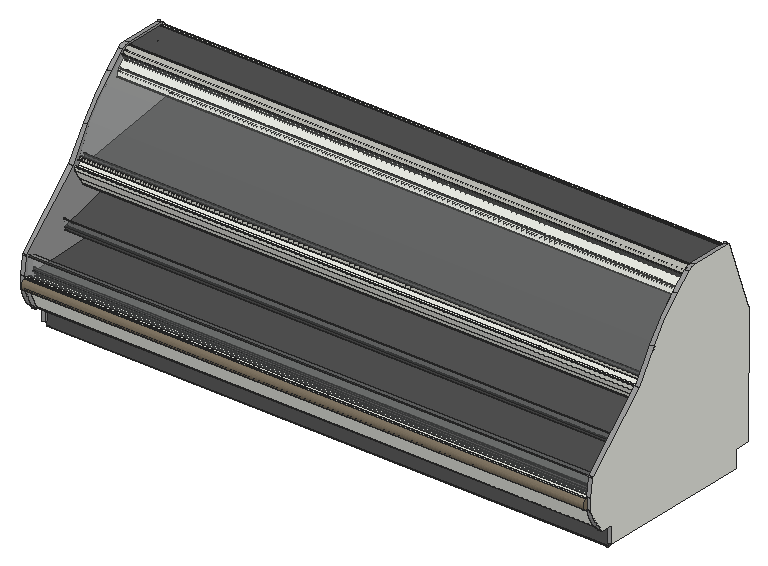
Revit family "CR3-F_2014", category Specialty Equipment, Revit 2014 (continued)
Automatic sketch dimensions
  Extrusion 4 sketch curve to Extrusion 4 sketch curve = 1.59722"
  Extrusion 4 sketch curve to Extrusion 4 sketch curve = 0.87601"
  Extrusion 4 sketch curve to Extrusion 4 sketch curve = 0.08357"
  Extrusion 4 sketch curve to Extrusion 4 sketch curve = 0.02379"  (x2)
  Extrusion 4 sketch curve to Extrusion 4 sketch curve = 0.17499"
  Extrusion 4 sketch curve to Extrusion 4 sketch curve = 0.015"  (x4)
  Extrusion 4 sketch curve to Extrusion 4 sketch curve = 0.02598"
  Extrusion 4 sketch curve to Extrusion 4 sketch curve = 2.12313"
  Extrusion 4 sketch curve to Extrusion 4 sketch curve = 0.01904"
  Extrusion 4 sketch curve to Extrusion 4 sketch curve = 0.83568"
  Extrusion 4 sketch curve to Extrusion 4 sketch curve = 0.05629"  (x2)
  Extrusion 4 sketch curve to Extrusion 4 sketch curve = 0.15029"
  Extrusion 4 sketch curve to Extrusion 4 sketch curve = 0.03754"
  Extrusion 4 sketch curve to Extrusion 4 sketch curve = 0.49339"  (x2)
  Extrusion 4 sketch curve to Extrusion 4 sketch curve = 0.04596"
  Extrusion 4 sketch curve to Extrusion 4 sketch curve = 0.05157"
  Extrusion 4 sketch curve to Extrusion 4 sketch curve = 0.87159"
  Extrusion 4 sketch curve to Extrusion 4 sketch curve = 0.06189"
  Extrusion 4 sketch curve to Extrusion 4 sketch curve = 1.66598"
  Extrusion 4 sketch curve to Extrusion 4 sketch curve = 0.75885"
  Extrusion 4 sketch curve to Extrusion 4 sketch curve = 0.01798"
  Extrusion 4 sketch curve to Extrusion 4 sketch curve = 0.7957"
  Extrusion 4 sketch curve to Extrusion 4 sketch curve = 0.21178"
  Extrusion 4 sketch curve to Extrusion 4 sketch curve = 0.02642"
  Extrusion 4 sketch curve to Extrusion 4 sketch curve = 0.06333"
  plane 5 "Front" to Extrusion 4 sketch curve = 6.06739"
  Extrusion 4 sketch curve to Extrusion 4 sketch curve = 0.05811"
  Extrusion 4 sketch curve to Extrusion 4 sketch curve = 0.092"  (x3)
  Extrusion 4 sketch curve to Extrusion 4 sketch curve = 1/16"
  Extrusion 4 sketch curve to Extrusion 4 sketch curve = 0.00996"
  Extrusion 4 sketch curve to Extrusion 4 sketch curve = 0.06037"
  Extrusion 4 sketch curve to Extrusion 4 sketch curve = 0.345"  (x2)
  Extrusion 4 sketch curve to Extrusion 4 sketch curve = 0.72585"
  Extrusion 4 sketch curve to Extrusion 4 sketch curve = 0.002"
  Extrusion 4 sketch curve to Extrusion 4 sketch curve = 0.07433"
  Extrusion 4 sketch curve to Extrusion 4 sketch curve = 0.05894"
  Extrusion 4 sketch curve to Extrusion 4 sketch curve = 0.942"
  Extrusion 4 sketch curve to Extrusion 4 sketch curve = 0.437"
  Extrusion 4 sketch curve to Extrusion 4 sketch curve = 1.30099"
  Extrusion 4 sketch curve to Extrusion 4 sketch curve = 0.321"  (x2)
  Extrusion 4 sketch curve to Extrusion 4 sketch curve = 0.3835"
  Extrusion 4 sketch curve to Extrusion 4 sketch curve = 0.33171"
  Extrusion 4 sketch curve to Extrusion 4 sketch curve = 0.48743"
  Extrusion 4 sketch curve to Extrusion 4 sketch curve = 0.0925"  (x2)
  Extrusion 4 sketch curve to Extrusion 4 sketch curve = 0.71176"
  Extrusion 4 sketch curve to Extrusion 4 sketch curve = 0.95999"
  Extrusion 4 sketch curve to Extrusion 4 sketch curve = 0.0605"
  Extrusion 4 sketch curve to Extrusion 4 sketch curve = 0.136"
  Extrusion 4 sketch curve to Extrusion 4 sketch curve = 0.70692"
  Extrusion 4 sketch curve to Extrusion 4 sketch curve = 0.92046"
  Extrusion 4 sketch curve to Extrusion 4 sketch curve = 1.6225"
  Extrusion 4 sketch curve to Extrusion 4 sketch curve = 0.57125"
  Extrusion 4 sketch curve to Extrusion 4 sketch curve = 0.18131"
  Extrusion 4 sketch curve to Extrusion 4 sketch curve = 0.02229"
  Extrusion 4 sketch curve to Extrusion 4 sketch curve = 0.92417"
  Extrusion 4 sketch curve to Extrusion 4 sketch curve = 2.51608"
  Extrusion 4 sketch curve to Extrusion 4 sketch curve = 0.234"
  Extrusion 4 sketch curve to Extrusion 4 sketch curve = 3.88125"
  Extrusion 4 sketch curve to Extrusion 4 sketch curve = 0.91209"
  Extrusion 4 sketch curve to Extrusion 4 sketch curve = 0.01618"
  Extrusion 4 sketch curve to Extrusion 4 sketch curve = 0.11688"
  Extrusion 4 sketch curve to Extrusion 4 sketch curve = 1.62375"
  Extrusion 4 sketch curve to Extrusion 4 sketch curve = 0.49188"
  Extrusion 4 sketch curve to Extrusion 4 sketch curve = 0.062"
  Extrusion 4 sketch curve to Extrusion 4 sketch curve = 0.59641"
  Extrusion 4 sketch curve to Extrusion 4 sketch curve = 0.371"
  Extrusion 4 sketch curve to Extrusion 4 sketch curve = 0.24458"
  Extrusion 4 sketch curve to Extrusion 4 sketch curve = 12.25814"
  Extrusion 4 sketch curve to Extrusion 4 sketch curve = 0.00656"
  Extrusion 4 sketch curve to Extrusion 4 sketch curve = 0.39739"
  Extrusion 4 sketch curve to Extrusion 4 sketch curve = 0.32348"
  Extrusion 4 sketch curve to Extrusion 4 sketch curve = 0.40266"
  Extrusion 4 sketch curve to Extrusion 4 sketch curve = 2.20453"
  Extrusion 4 sketch curve to Extrusion 4 sketch curve = 0.96558"
  Extrusion 4 sketch curve to Extrusion 4 sketch curve = 0.00552"
  Extrusion 4 sketch curve to Extrusion 4 sketch curve = 0.00871"
  Extrusion 4 sketch curve to Extrusion 4 sketch curve = 0.2278"
  Extrusion 4 sketch curve to Extrusion 4 sketch curve = 0.43171"
  Extrusion 4 sketch curve to Extrusion 4 sketch curve = 0.48256"
  Extrusion 4 sketch curve to Extrusion 4 sketch curve = 0.21425"
  Extrusion 4 sketch curve to Extrusion 4 sketch curve = 0.2033"
  Extrusion 4 sketch curve to Extrusion 4 sketch curve = 0.10971"
  Extrusion 4 sketch curve to Extrusion 4 sketch curve = 1.49484"
  Extrusion 4 sketch curve to Extrusion 4 sketch curve = 0.03573"
  Extrusion 4 sketch curve to Extrusion 4 sketch curve = 1.57639"
  Extrusion 4 sketch curve to Extrusion 4 sketch curve = 2.55901"
  Extrusion 4 sketch curve to Extrusion 4 sketch curve = 2.10033"
  Extrusion 4 sketch curve to Extrusion 4 sketch curve = 0.18997"
  Extrusion 4 sketch curve to Extrusion 4 sketch curve = 0.02468"
  Extrusion 4 sketch curve to Extrusion 4 sketch curve = 0.1215"
  Extrusion 4 sketch curve to Extrusion 4 sketch curve = 0.02433"
  Extrusion 4 sketch curve to Extrusion 4 sketch curve = 0.27401"
  Extrusion 4 sketch curve to Extrusion 4 sketch curve = 0.45308"
  Extrusion 4 sketch curve to Extrusion 4 sketch curve = 0.53668"
  Extrusion 4 sketch curve to Extrusion 4 sketch curve = 2.0894"
  Extrusion 4 sketch curve to Extrusion 4 sketch curve = 0.71345"
  Extrusion 4 sketch curve to Extrusion 4 sketch curve = 0.15642"
  Extrusion 4 sketch curve to Extrusion 4 sketch curve = 0.37047"
  Extrusion 4 sketch curve to Extrusion 4 sketch curve = 0.04042"
  Extrusion 4 sketch curve to Extrusion 4 sketch curve = 0.07403"
  Extrusion 4 sketch curve to Extrusion 4 sketch curve = 0.70129"
  Extrusion 4 sketch curve to Extrusion 4 sketch curve = 0.03957"
  Extrusion 4 sketch curve to Extrusion 4 sketch curve = 4.44465"
  Extrusion 4 sketch curve to Extrusion 4 sketch curve = 0.01077"
  Extrusion 4 sketch curve to Extrusion 4 sketch curve = 119/256"
  Extrusion 4 sketch curve to Extrusion 4 sketch curve = 0.0054"
  Extrusion 4 sketch curve to Extrusion 4 sketch curve = 0.11679"
  Extrusion 4 sketch curve to Extrusion 4 sketch curve = 0.00402"
  Extrusion 4 sketch curve to Extrusion 4 sketch curve = 0.12516"
  Extrusion 4 sketch curve to Extrusion 4 sketch curve = 0.07006"
  Extrusion 4 sketch curve to Extrusion 4 sketch curve = 0.5022"
  Extrusion 4 sketch curve to Extrusion 4 sketch curve = 0.30902"
  Extrusion 4 sketch curve to Extrusion 4 sketch curve = 1.29255"
  Extrusion 4 sketch curve to Extrusion 4 sketch curve = 0.05975"
  Extrusion 4 sketch curve to Extrusion 4 sketch curve = 0.38356"
  Extrusion 4 sketch curve to Extrusion 4 sketch curve = 0.12226"
  Extrusion 4 sketch curve to Extrusion 4 sketch curve = 0.58074"
  Extrusion 4 sketch curve to Extrusion 4 sketch curve = 0.1275"
  Extrusion 4 sketch curve to Extrusion 4 sketch curve = 0.01682"
  Extrusion 4 sketch curve to Extrusion 4 sketch curve = 0.00295"
  Extrusion 4 sketch curve to Extrusion 4 sketch curve = 0.00176"
  Extrusion 4 sketch curve to Extrusion 4 sketch curve = 0.06381"
  Extrusion 4 sketch curve to Extrusion 4 sketch curve = 0.15477"
  Extrusion 4 sketch curve to Extrusion 4 sketch curve = 0.00759"
  Extrusion 4 sketch curve to Extrusion 4 sketch curve = 0.04499"
  plane 3 "Top" to Extrusion 4 sketch curve = 0.34572"
  Extrusion 4 sketch curve to Extrusion 4 sketch curve = 0.00074"
  Extrusion 4 sketch curve to Extrusion 4 sketch curve = 0.03597"
  Extrusion 4 sketch curve to Extrusion 4 sketch curve = 0.0059"
  Extrusion 4 sketch curve to Extrusion 4 sketch curve = 0.01002"
  Extrusion 4 sketch curve to Extrusion 4 sketch curve = 0.19181"
  Extrusion 4 sketch curve to Extrusion 4 sketch curve = 0.00194"
  plane 3 "Top" to Extrusion 4 sketch curve = 6.83318"
  Extrusion 4 sketch curve to Extrusion 4 sketch curve = 0.00138"
  Extrusion 4 sketch curve to Extrusion 4 sketch curve = 0.11157"
  Extrusion 4 sketch curve to Extrusion 4 sketch curve = 0.00861"
  Extrusion 4 sketch curve to Extrusion 4 sketch curve = 0.00489"
  Extrusion 4 sketch curve to Extrusion 4 sketch curve = 0.31751"
  Extrusion 4 sketch curve to Extrusion 4 sketch curve = 0.00042"
  Extrusion 4 sketch curve to Extrusion 4 sketch curve = 0.15347"
  Extrusion 4 sketch curve to Extrusion 4 sketch curve = 0.00325"
  Extrusion 4 sketch curve to Extrusion 4 sketch curve = 0.23579"
  Extrusion 4 sketch curve to Extrusion 4 sketch curve = 0.00465"
  Extrusion 4 sketch curve to Extrusion 4 sketch curve = 0.00004"
  Extrusion 5 sketch curve to Extrusion 5 sketch curve = 0"  (x2)
  plane 5 "Front" to Extrusion 5 sketch curve = 3.56606"
  Extrusion 5 sketch curve to Extrusion 5 sketch curve = 0.06362"
  Extrusion 5 sketch curve to Extrusion 5 sketch curve = 0.07036"
  Extrusion 5 sketch curve to Extrusion 5 sketch curve = 0.03426"
  Extrusion 5 sketch curve to Extrusion 5 sketch curve = 0.0544"
  Extrusion 5 sketch curve to Extrusion 5 sketch curve = 0.06497"
  Extrusion 5 sketch curve to Extrusion 5 sketch curve = 0.03498"  (x2)
  Extrusion 5 sketch curve to Extrusion 5 sketch curve = 0.02998"
  Extrusion 5 sketch curve to Extrusion 5 sketch curve = 0.00096"
  Extrusion 5 sketch curve to Extrusion 5 sketch curve = 0.00112"
  Extrusion 5 sketch curve to Extrusion 5 sketch curve = 0.01494"
  plane 1 "Back" to Extrusion 5 sketch curve = 21.46057"
  Extrusion 5 sketch curve to Extrusion 5 sketch curve = 0.688"
  level to Extrusion 5 sketch curve = 13.99202"
  Extrusion 5 sketch curve to Extrusion 5 sketch curve = 0.46476"
  Extrusion 5 sketch curve to Extrusion 5 sketch curve = 0.0279"
  Extrusion 5 sketch curve to Extrusion 5 sketch curve = 0.6195"
  Extrusion 5 sketch curve to Extrusion 5 sketch curve = 0.00718"
  Extrusion 5 sketch curve to Extrusion 5 sketch curve = 0.47815"
  Extrusion 5 sketch curve to Extrusion 5 sketch curve = 0.01333"
  Extrusion 5 sketch curve to Extrusion 5 sketch curve = 9.25567"
  plane 5 "Front" to Extrusion 6 sketch curve = 13.69225"
  Extrusion 6 sketch curve to Extrusion 6 sketch curve = 0.06041"
  Extrusion 6 sketch curve to Extrusion 6 sketch curve = 0.16871"
  Extrusion 6 sketch curve to Extrusion 6 sketch curve = 0.06028"
  Extrusion 6 sketch curve to Extrusion 6 sketch curve = 0.00013"
  Extrusion 6 sketch curve to Extrusion 6 sketch curve = 0.01605"
  Extrusion 6 sketch curve to Extrusion 6 sketch curve = 0.20224"
  Extrusion 6 sketch curve to Extrusion 6 sketch curve = 0.04419"
  Extrusion 6 sketch curve to Extrusion 6 sketch curve = 0.06037"  (x4)
  Extrusion 6 sketch curve to Extrusion 6 sketch curve = 0.25343"
  Extrusion 6 sketch curve to Extrusion 6 sketch curve = 0.58875"
  Extrusion 6 sketch curve to Extrusion 6 sketch curve = 0.56443"
  Extrusion 6 sketch curve to Extrusion 6 sketch curve = 0.02594"
  Extrusion 6 sketch curve to Extrusion 6 sketch curve = 0.03864"
  Extrusion 6 sketch curve to Extrusion 6 sketch curve = 0.01757"
  Extrusion 6 sketch curve to Extrusion 6 sketch curve = 0.8447"
  Extrusion 6 sketch curve to Extrusion 6 sketch curve = 0.03897"
  Extrusion 6 sketch curve to Extrusion 6 sketch curve = 0.08331"
  Extrusion 6 sketch curve to Extrusion 6 sketch curve = 0.00906"  (x2)
  Extrusion 6 sketch curve to Extrusion 6 sketch curve = 0.03381"
  Extrusion 6 sketch curve to Extrusion 6 sketch curve = 0.08021"
  Extrusion 6 sketch curve to Extrusion 6 sketch curve = 0.03427"
  Extrusion 6 sketch curve to Extrusion 6 sketch curve = 0.03335"  (x2)
  Extrusion 6 sketch curve to Extrusion 6 sketch curve = 0.52078"
  Extrusion 6 sketch curve to Extrusion 6 sketch curve = 0.01551"
  Extrusion 6 sketch curve to Extrusion 6 sketch curve = 0.06761"
  Extrusion 6 sketch curve to Extrusion 6 sketch curve = 13.05208"
  Extrusion 6 sketch curve to Extrusion 6 sketch curve = 0.01618"  (x4)
  Extrusion 6 sketch curve to Extrusion 6 sketch curve = 0.19411"
  level to Extrusion 6 sketch curve = 19.52816"
  Extrusion 6 sketch curve to Extrusion 6 sketch curve = 0.04594"
  Extrusion 6 sketch curve to Extrusion 6 sketch curve = 0.00048"
  Extrusion 6 sketch curve to Extrusion 6 sketch curve = 0.06775"
  Extrusion 6 sketch curve to Extrusion 6 sketch curve = 0.09835"
  Extrusion 6 sketch curve to Extrusion 6 sketch curve = 0.03045"
  Extrusion 6 sketch curve to Extrusion 6 sketch curve = 0.11828"
  Extrusion 6 sketch curve to Extrusion 6 sketch curve = 0.06155"
  Extrusion 6 sketch curve to Extrusion 6 sketch curve = 0.19448"
  Extrusion 6 sketch curve to Extrusion 6 sketch curve = 0.00806"
  Extrusion 6 sketch curve to Extrusion 6 sketch curve = 0.73078"
  Extrusion 6 sketch curve to Extrusion 6 sketch curve = 0.04343"
  Extrusion 6 sketch curve to Extrusion 6 sketch curve = 0.15767"
  Extrusion 6 sketch curve to Extrusion 6 sketch curve = 0.03611"
  Extrusion 6 sketch curve to Extrusion 6 sketch curve = 0.29027"
  Extrusion 6 sketch curve to Extrusion 6 sketch curve = 0.02232"
  Extrusion 6 sketch curve to Extrusion 6 sketch curve = 3.49547"
  Extrusion 6 sketch curve to Extrusion 6 sketch curve = 0.72444"
  plane 5 "Front" to Extrusion 7 sketch curve = 13.22178"
  Extrusion 7 sketch curve to Extrusion 7 sketch curve = 0.12074"  (x2)
  Extrusion 7 sketch curve to Extrusion 7 sketch curve = 0.71175"
  Extrusion 7 sketch curve to Extrusion 7 sketch curve = 0.24152"
  level to Extrusion 7 sketch curve = 19.59182"
  Extrusion 7 sketch curve to Extrusion 7 sketch curve = 0.06457"
  Extrusion 7 sketch curve to Extrusion 7 sketch curve = 2.6563"
  Extrusion 7 sketch curve to Extrusion 7 sketch curve = 0.03235"
  plane 5 "Front" to Extrusion 8 sketch curve = 1.89546"
  Extrusion 8 sketch curve to Extrusion 8 sketch curve = 0.23743"
  Extrusion 8 sketch curve to Extrusion 8 sketch curve = 1/4"
  level to Extrusion 8 sketch curve = 13.11258"
  Extrusion 8 sketch curve to Extrusion 8 sketch curve = 5.49984"
  plane 5 "Front" to Extrusion 9 sketch curve = 0.9987"
  plane 5 "Front" to Extrusion 9 sketch curve = 1.27995"
  level to Extrusion 9 sketch curve = 11.47878"
  Extrusion 9 sketch curve to Extrusion 9 sketch curve = 1 1/4"
  plane 3 "Top" to Extrusion 10 sketch curve = 0.22169"
  plane 1 "Back" to Extrusion 10 sketch curve = 17.09366"
  Extrusion 10 sketch curve to Extrusion 10 sketch curve = 0.03937"  (x3)
  plane 3 "Top" to Extrusion 10 sketch curve = 0.34233"
  Extrusion 10 sketch curve to Extrusion 10 sketch curve = 0.10487"
  Extrusion 10 sketch curve to Extrusion 10 sketch curve = 0.19096"
  plane 3 "Top" to Extrusion 10 sketch curve = 0.26698"
  Extrusion 10 sketch curve to Extrusion 10 sketch curve = 0.06454"
  Extrusion 10 sketch curve to plane 3 "Top" = 0.04798"
  plane 1 "Back" to Extrusion 10 sketch curve = 7.38303"
  Extrusion 10 sketch curve to Extrusion 10 sketch curve = 0"
  Extrusion 10 sketch curve to plane 3 "Top" = 0.00861"  (x2)
  Extrusion 11 sketch curve to Extrusion 11 sketch curve = 0"  (x3)
  plane 5 "Front" to Extrusion 11 sketch curve = 18.14405"
  Extrusion 11 sketch curve to Extrusion 11 sketch curve = 0.03497"
  Extrusion 11 sketch curve to Extrusion 11 sketch curve = 0.05701"
  Extrusion 11 sketch curve to Extrusion 11 sketch curve = 0.00068"
  Extrusion 11 sketch curve to Extrusion 11 sketch curve = 0.26341"
  Extrusion 11 sketch curve to Extrusion 11 sketch curve = 0.23131"
  Extrusion 11 sketch curve to Extrusion 11 sketch curve = 0.02234"
  Extrusion 11 sketch curve to Extrusion 11 sketch curve = 0.001"
  Extrusion 11 sketch curve to Extrusion 11 sketch curve = 0.05816"
  Extrusion 11 sketch curve to Extrusion 11 sketch curve = 0.05649"
  Extrusion 11 sketch curve to Extrusion 11 sketch curve = 0.01279"
  Extrusion 11 sketch curve to Extrusion 11 sketch curve = 0.05749"
  Extrusion 11 sketch curve to Extrusion 11 sketch curve = 0.02271"
  Extrusion 11 sketch curve to Extrusion 11 sketch curve = 0.05103"
  Extrusion 11 sketch curve to Extrusion 11 sketch curve = 0.06982"
  Extrusion 11 sketch curve to Extrusion 11 sketch curve = 0.05319"
  Extrusion 11 sketch curve to Extrusion 11 sketch curve = 0.02085"
  Extrusion 11 sketch curve to Extrusion 11 sketch curve = 0.24863"
  Extrusion 11 sketch curve to Extrusion 11 sketch curve = 0.01136"
  Extrusion 11 sketch curve to Extrusion 11 sketch curve = 0.10181"
  Extrusion 11 sketch curve to Extrusion 11 sketch curve = 0.01343"
  Extrusion 11 sketch curve to Extrusion 11 sketch curve = 0.17617"
  Extrusion 11 sketch curve to Extrusion 11 sketch curve = 0.0652"
  Extrusion 11 sketch curve to Extrusion 11 sketch curve = 0.13275"
  plane 3 "Top" to Extrusion 11 sketch curve = 1.39988"
  plane 1 "Back" to Extrusion 11 sketch curve = 19.25227"
  Extrusion 11 sketch curve to Extrusion 11 sketch curve = 0.00868"
  plane 3 "Top" to Extrusion 11 sketch curve = 1.7342"
  Extrusion 11 sketch curve to Extrusion 11 sketch curve = 0.16803"
  plane 3 "Top" to Extrusion 11 sketch curve = 1.65126"
  Extrusion 11 sketch curve to Extrusion 11 sketch curve = 0.01477"
  Extrusion 11 sketch curve to Extrusion 11 sketch curve = 0.04814"
  plane 3 "Top" to Extrusion 11 sketch curve = 1.82963"
  Extrusion 11 sketch curve to Extrusion 11 sketch curve = 0.06782"
  Extrusion 11 sketch curve to Extrusion 11 sketch curve = 0.01605"
  plane 3 "Top" to Extrusion 11 sketch curve = 1.83427"
  Extrusion 11 sketch curve to Extrusion 11 sketch curve = 0.0114"
  plane 3 "Top" to Extrusion 11 sketch curve = 1.72551"
  Extrusion 11 sketch curve to Extrusion 11 sketch curve = 0.15304"
  plane 3 "Top" to Extrusion 11 sketch curve = 2.07085"
  Extrusion 11 sketch curve to Extrusion 11 sketch curve = 0.19743"
  plane 3 "Top" to Extrusion 11 sketch curve = 0.95506"
  Extrusion 11 sketch curve to Extrusion 11 sketch curve = 0.63056"
  plane 3 "Top" to Extrusion 11 sketch curve = 1.31666"
  Extrusion 11 sketch curve to Extrusion 11 sketch curve = 0.03225"
  plane 3 "Top" to Extrusion 11 sketch curve = 1.09622"
  Extrusion 11 sketch curve to Extrusion 11 sketch curve = 0.11384"
  plane 3 "Top" to Extrusion 11 sketch curve = 0.86558"
  Extrusion 11 sketch curve to Extrusion 11 sketch curve = 0.12568"
  Extrusion 11 sketch curve to Extrusion 11 sketch curve = 0.02337"
  plane 3 "Top" to Extrusion 11 sketch curve = 1.22956"
  Extrusion 11 sketch curve to Extrusion 11 sketch curve = 0.02224"
  plane 3 "Top" to Extrusion 11 sketch curve = 2.21881"
  Extrusion 11 sketch curve to Extrusion 11 sketch curve = 0.19211"
  plane 3 "Top" to Extrusion 11 sketch curve = 0.97768"
  Extrusion 11 sketch curve to Extrusion 11 sketch curve = 0.04242"
  plane 3 "Top" to Extrusion 11 sketch curve = 1.17426"
  Extrusion 11 sketch curve to Extrusion 11 sketch curve = 0.03209"
  Extrusion 11 sketch curve to Extrusion 11 sketch curve = 0.00324"
  plane 3 "Top" to Extrusion 11 sketch curve = 0.88519"
  Extrusion 11 sketch curve to Extrusion 11 sketch curve = 0.06493"
  Extrusion 11 sketch curve to Extrusion 11 sketch curve = 35/128"
  plane 3 "Top" to Extrusion 11 sketch curve = 0.97232"
  Extrusion 11 sketch curve to Extrusion 11 sketch curve = 0.05977"
  Extrusion 11 sketch curve to Extrusion 11 sketch curve = 0.74659"
  plane 3 "Top" to Extrusion 11 sketch curve = 0.46482"
  Extrusion 11 sketch curve to Extrusion 11 sketch curve = 0.75509"
  plane 3 "Top" to Extrusion 11 sketch curve = 0.46196"
  Extrusion 11 sketch curve to Extrusion 11 sketch curve = 0.06815"
  plane 3 "Top" to Extrusion 11 sketch curve = 0.07037"
  Extrusion 11 sketch curve to Extrusion 11 sketch curve = 0.04661"
  Extrusion 11 sketch curve to plane 3 "Top" = 0.04115"
  Extrusion 11 sketch curve to Extrusion 11 sketch curve = 0.21146"
  Extrusion 11 sketch curve to Extrusion 11 sketch curve = 0.54222"
  Extrusion 11 sketch curve to Extrusion 11 sketch curve = 0.08006"
  Extrusion 11 sketch curve to Extrusion 11 sketch curve = 0.02165"
  Extrusion 11 sketch curve to Extrusion 11 sketch curve = 0.06791"
  Extrusion 11 sketch curve to Extrusion 11 sketch curve = 0.15832"
  plane 3 "Top" to Extrusion 11 sketch curve = 0.34572"
  Extrusion 11 sketch curve to Extrusion 11 sketch curve = 0.08217"
  Extrusion 11 sketch curve to Extrusion 11 sketch curve = 0.32732"
  Extrusion 11 sketch curve to Extrusion 11 sketch curve = 0.01637"
  Extrusion 11 sketch curve to plane 1 "Back" = 4.38285"
  Extrusion 11 sketch curve to Extrusion 11 sketch curve = 0.19952"
  Extrusion 11 sketch curve to Extrusion 11 sketch curve = 0.20997"
  plane 3 "Top" to Extrusion 11 sketch curve = 18.80828"
  Extrusion 11 sketch curve to Extrusion 11 sketch curve = 0.0229"
  Extrusion 11 sketch curve to Extrusion 11 sketch curve = 0.10169"
  Extrusion 11 sketch curve to Extrusion 11 sketch curve = 0.02884"
  Extrusion 11 sketch curve to Extrusion 11 sketch curve = 0.06024"
  Extrusion 11 sketch curve to Extrusion 11 sketch curve = 0.04023"
  Extrusion 11 sketch curve to Extrusion 11 sketch curve = 0.25707"
  Extrusion 11 sketch curve to Extrusion 11 sketch curve = 0.02688"
  Extrusion 11 sketch curve to Extrusion 11 sketch curve = 0.05327"
  Extrusion 11 sketch curve to Extrusion 11 sketch curve = 0.02245"
  Extrusion 11 sketch curve to Extrusion 11 sketch curve = 0.00027"
  Extrusion 11 sketch curve to Extrusion 11 sketch curve = 0.05422"
  Extrusion 11 sketch curve to Extrusion 11 sketch curve = 0.09285"
  Extrusion 11 sketch curve to Extrusion 11 sketch curve = 0.04609"
  Extrusion 11 sketch curve to Extrusion 11 sketch curve = 0.03447"
  Extrusion 11 sketch curve to Extrusion 11 sketch curve = 0.00846"
  Extrusion 11 sketch curve to Extrusion 11 sketch curve = 0.0021"
  Extrusion 11 sketch curve to Extrusion 11 sketch curve = 0.03168"
  Extrusion 11 sketch curve to Extrusion 11 sketch curve = 0.0384"
  Extrusion 11 sketch curve to Extrusion 11 sketch curve = 0.00749"
  Extrusion 11 sketch curve to Extrusion 11 sketch curve = 0.09452"
  Extrusion 11 sketch curve to Extrusion 11 sketch curve = 0.03351"
  level to Extrusion 12 sketch curve = 0.02008"
  plane 5 "Front" to Extrusion 12 sketch curve = 8.00175"
  Extrusion 12 sketch curve to Extrusion 12 sketch curve = 0.035"  (x3)
  Extrusion 12 sketch curve to level = 0.01492"  (x2)
  Extrusion 12 sketch curve to Extrusion 12 sketch curve = 29/64"
  Extrusion 12 sketch curve to Extrusion 12 sketch curve = 3/64"  (x2)
  Extrusion 12 sketch curve to Extrusion 12 sketch curve = 0.08188"
  plane 1 "Back" to Extrusion 12 sketch curve = 4.19387"
  level to Extrusion 12 sketch curve = 0.05241"
  Extrusion 12 sketch curve to Extrusion 12 sketch curve = 0.30277"
  level to Extrusion 12 sketch curve = 0.08467"
  Extrusion 12 sketch curve to Extrusion 12 sketch curve = 0.01862"
  Extrusion 12 sketch curve to Extrusion 12 sketch curve = 0.36323"
  level to Extrusion 12 sketch curve = 5/256"
  Extrusion 12 sketch curve to Extrusion 12 sketch curve = 0.00608"
  Extrusion 12 sketch curve to Extrusion 12 sketch curve = 3/8"  (x2)
  level to Extrusion 12 sketch curve = 0.45495"
  Extrusion 12 sketch curve to Extrusion 12 sketch curve = 0.01274"
  Extrusion 12 sketch curve to Extrusion 12 sketch curve = 4.68"
  Extrusion 12 sketch curve to Extrusion 12 sketch curve = 5.01739"
  Extrusion 14 sketch curve to Extrusion 14 sketch curve = 0"  (x2)
  plane 5 "Front" to Extrusion 14 sketch curve = 18.20106"
  Extrusion 14 sketch curve to Extrusion 14 sketch curve = 0.23262"
  plane 3 "Top" to Extrusion 14 sketch curve = 0.9955"
  plane 1 "Back" to Extrusion 14 sketch curve = 18.63016"
  plane 3 "Top" to Extrusion 14 sketch curve = 1.2007"
  Extrusion 14 sketch curve to Extrusion 14 sketch curve = 0.1428"
  Extrusion 14 sketch curve to plane 1 "Back" = 4.36059"
  Extrusion 14 sketch curve to Extrusion 14 sketch curve = 18.29903"
  plane 5 "Front" to Extrusion 16 sketch curve = 3.59732"
  plane 5 "Front" to Extrusion 16 sketch curve = 3.7258"
  Extrusion 16 sketch curve to Extrusion 16 sketch curve = 0.24987"
  level to Extrusion 16 sketch curve = 14.52078"
  Extrusion 16 sketch curve to Extrusion 16 sketch curve = 0.00803"
  Extrusion 13 sketch curve to Extrusion 13 sketch curve = 0.0525"
  Extrusion 13 sketch curve to Extrusion 13 sketch curve = 1.98268"
  Extrusion 13 sketch curve to Extrusion 13 sketch curve = 0.34751"
  Extrusion 13 sketch curve to Extrusion 13 sketch curve = 0.035"  (x2)
  Extrusion 13 sketch curve to Extrusion 13 sketch curve = 0"  (x5)
  Extrusion 13 sketch curve to Extrusion 13 sketch curve = 0.0025"
  Extrusion 13 sketch curve to Extrusion 13 sketch curve = 0.03"
  Extrusion 13 sketch curve to Extrusion 13 sketch curve = 0.015"
  Extrusion 13 sketch curve to Extrusion 13 sketch curve = 0.94301"
  Extrusion 13 sketch curve to Extrusion 13 sketch curve = 0.58486"
  Extrusion 13 sketch curve to Extrusion 13 sketch curve = 0.02598"
  Extrusion 13 sketch curve to Extrusion 13 sketch curve = 0.97551"
  Extrusion 13 sketch curve to Extrusion 13 sketch curve = 5/128"
  Extrusion 13 sketch curve to Extrusion 13 sketch curve = 0.00838"
  Extrusion 13 sketch curve to Extrusion 13 sketch curve = 0.56533"
  plane 1 "Back" to Extrusion 13 sketch curve = 4.08506"
  Extrusion 13 sketch curve to Extrusion 13 sketch curve = 2.51228"
  Extrusion 13 sketch curve to Extrusion 13 sketch curve = 0.36103"
  plane 3 "Top" to Extrusion 13 sketch curve = 16.9478"
  Extrusion 13 sketch curve to Extrusion 13 sketch curve = 0.49911"
  Extrusion 13 sketch curve to Extrusion 13 sketch curve = 0.02819"
  Extrusion 13 sketch curve to Extrusion 13 sketch curve = 0.74172"
  Extrusion 13 sketch curve to Extrusion 13 sketch curve = 0.01026"
  Extrusion 13 sketch curve to Extrusion 13 sketch curve = 0.53983"
  Extrusion 13 sketch curve to Extrusion 13 sketch curve = 1.48317"
  Extrusion 13 sketch curve to Extrusion 13 sketch curve = 0.44899"
  Extrusion 13 sketch curve to Extrusion 13 sketch curve = 0.065"
  Extrusion 13 sketch curve to Extrusion 13 sketch curve = 0.05188"
  Extrusion 13 sketch curve to Extrusion 13 sketch curve = 0.0175"
  Extrusion 13 sketch curve to Extrusion 13 sketch curve = 0.24733"
  Extrusion 13 sketch curve to Extrusion 13 sketch curve = 0.06108"
  Extrusion 13 sketch curve to Extrusion 13 sketch curve = 0.02223"
  Extrusion 13 sketch curve to Extrusion 13 sketch curve = 0.00656"
  level to Extrusion 39 sketch curve = 1"
  Extrusion 39 sketch curve to Extrusion 39 sketch curve = 3.99034"  (x2)
  Extrusion 39 sketch curve to Extrusion 39 sketch curve = 3/8"  (x2)
  plane 1 "Back" to Extrusion 39 sketch curve = 0.20665"  (x2)
  Extrusion 39 sketch curve to Extrusion 39 sketch curve = 1/4"  (x3)
  Extrusion 39 sketch curve to Extrusion 39 sketch curve = 0.31471"
  plane 5 "Front" to Extrusion 39 sketch curve = 1.24182"
  Extrusion 39 sketch curve to Extrusion 39 sketch curve = 5.78758"
  level to Extrusion 39 sketch curve = 13.13097"
  Extrusion 39 sketch curve to Extrusion 39 sketch curve = 2.51899"
  plane 5 "Front" to Extrusion 39 sketch curve = 2.13222"
  Extrusion 39 sketch curve to Extrusion 39 sketch curve = 7.15987"
  plane 5 "Front" to Extrusion 39 sketch curve = 1.7889"
  Extrusion 39 sketch curve to Extrusion 39 sketch curve = 0.3635"
  Extrusion 39 sketch curve to plane 1 "Back" = 4.36235"
  Extrusion 39 sketch curve to Extrusion 39 sketch curve = 13.60149"
  Extrusion 39 sketch curve to Extrusion 39 sketch curve = 17.3473"
  Extrusion 39 sketch curve to Extrusion 39 sketch curve = 0.07517"
  Extrusion 39 sketch curve to Extrusion 39 sketch curve = 0.27263"
  plane 3 "Top" to Extrusion 39 sketch curve = 16.82791"
  Extrusion 39 sketch curve to plane 1 "Back" = 0.02827"
  Extrusion 39 sketch curve to Extrusion 39 sketch curve = 7.46966"
  plane 3 "Top" to Extrusion 39 sketch curve = 3.82264"
  plane 3 "Top" to Extrusion 39 sketch curve = 2.68623"
  plane 3 "Top" to Extrusion 39 sketch curve = 0.44842"
  Extrusion 39 sketch curve to plane 3 "Top" = 0.06377"
  Extrusion 39 sketch curve to plane 3 "Top" = 0.14927"
  Extrusion 39 sketch curve to Extrusion 39 sketch curve = 3.40395"
  plane 1 "Back" to Extrusion 39 sketch curve = 6.1198"
  Extrusion 39 sketch curve to Extrusion 39 sketch curve = 10.47932"
  Extrusion 39 sketch curve to Extrusion 39 sketch curve = 3.77915"
  Extrusion 39 sketch curve to Extrusion 39 sketch curve = 4.62645"
  Extrusion 39 sketch curve to Extrusion 39 sketch curve = 0.06132"
  Extrusion 39 sketch curve to Extrusion 39 sketch curve = 9.2809"
  plane 5 "Front" to Extrusion 39 sketch curve = 7.75543"
  Extrusion 39 sketch curve to Extrusion 39 sketch curve = 2.60672"
  Extrusion 39 sketch curve to Extrusion 39 sketch curve = 0.01343"
  Extrusion 39 sketch curve to Extrusion 39 sketch curve = 0.0802"
  Extrusion 39 sketch curve to Extrusion 39 sketch curve = 2 29/32"
  Extrusion 39 sketch curve to Extrusion 39 sketch curve = 0.21081"
  plane 5 "Front" to Extrusion 40 sketch curve = 0.99182"
  Extrusion 40 sketch curve to Extrusion 40 sketch curve = 1/4"
  plane 5 "Front" to Extrusion 40 sketch curve = 1.7889"
  Extrusion 40 sketch curve to Extrusion 40 sketch curve = 0.34332"
  plane 5 "Front" to Extrusion 40 sketch curve = 4.76027"
  Extrusion 40 sketch curve to Extrusion 40 sketch curve = 0.01343"
  Extrusion 40 sketch curve to Extrusion 40 sketch curve = 2.60672"
  level to Extrusion 40 sketch curve = 1"
  Extrusion 40 sketch curve to Extrusion 40 sketch curve = 3/8"  (x2)
  Extrusion 40 sketch curve to Extrusion 40 sketch curve = 7.52115"
  plane 5 "Front" to Extrusion 40 sketch curve = 16.36125"
  Extrusion 40 sketch curve to Extrusion 40 sketch curve = 0.25749"
  Extrusion 40 sketch curve to Extrusion 40 sketch curve = 0.06132"
  Extrusion 40 sketch curve to Extrusion 40 sketch curve = 4.62645"
  Extrusion 40 sketch curve to Extrusion 40 sketch curve = 9.2809"
  plane 3 "Top" to Extrusion 40 sketch curve = 3.82264"
  Extrusion 40 sketch curve to Extrusion 40 sketch curve = 7.45727"
  plane 3 "Top" to Extrusion 40 sketch curve = 0.44842"
  Extrusion 40 sketch curve to Extrusion 40 sketch curve = 3.77915"
  Extrusion 40 sketch curve to Extrusion 40 sketch curve = 1.99804"
  Extrusion 40 sketch curve to plane 3 "Top" = 0.31377"
  plane 1 "Back" to Extrusion 40 sketch curve = 6.35472"
  Extrusion 40 sketch curve to plane 3 "Top" = 0.14927"
  Extrusion 40 sketch curve to Extrusion 40 sketch curve = 0.23492"
  plane 1 "Back" to Extrusion 40 sketch curve = 3.98561"
  plane 1 "Back" to Extrusion 40 sketch curve = 0.20665"  (x2)
  Extrusion 40 sketch curve to plane 1 "Back" = 0.02827"
  Extrusion 40 sketch curve to plane 1 "Back" = 0.04335"
  Extrusion 40 sketch curve to plane 1 "Back" = 4.36235"
  Extrusion 40 sketch curve to Extrusion 40 sketch curve = 3.99034"  (x2)
  Extrusion 40 sketch curve to Extrusion 40 sketch curve = 0.31471"
  Extrusion 40 sketch curve to Extrusion 40 sketch curve = 5.78758"
  level to Extrusion 40 sketch curve = 13.13097"
  Extrusion 40 sketch curve to Extrusion 40 sketch curve = 2 29/32"
  Extrusion 40 sketch curve to Extrusion 40 sketch curve = 2.51899"
  Extrusion 40 sketch curve to Extrusion 40 sketch curve = 4.25364"
  Extrusion 40 sketch curve to Extrusion 40 sketch curve = 0.3635"
  Extrusion 40 sketch curve to Extrusion 40 sketch curve = 13.60149"
  Extrusion 40 sketch curve to Extrusion 40 sketch curve = 7.54483"
  Extrusion 40 sketch curve to Extrusion 40 sketch curve = 0.07517"
  plane 3 "Top" to Extrusion 40 sketch curve = 16.82791"
  Extrusion 40 sketch curve to Extrusion 40 sketch curve = 0"
  Extrusion 1 sketch curve to Extrusion 1 sketch curve = 0"  (x2)
  Extrusion 2 sketch curve to Extrusion 2 sketch curve = 0"
  Extrusion 3 sketch curve to Extrusion 3 sketch curve = 0"
  curve 8 to plane 4 "Left" = 0"
  curve 8 to plane 8 "Right" = 0"
  curve 5 to plane 5 "Front" = 0"
  plane 1 "Back" to curve 1 = 0"
  plane 1 "Back" to curve 4 = 0"
  plane 1 "Back" to curve 2 = 0"
  plane 1 "Back" to curve 3 = 0"
  plane 1 "Back" to curve 5 = 0"
  Extrusion 15 sketch curve to Extrusion 15 sketch curve = 0"  (x3)
  plane 6 "Center (Left/Right)" to Extrusion 15 sketch curve = 5"
Nested families (in)
  nested 1: "Floor Support - Pegs" at (-75.99499, -30.6875, 0), type "Floor Support - Pegs"
  nested 2: "Floor Support - Pegs" at (65.38051, -30.6875, 0), type "Floor Support - Pegs"
  nested 3: "Service Doors - 110deg - 48" at (18.69301, -25.0591, 11.25191), visible <- "12 Case", type "Service Doors - 110deg - 48"
  nested 4: "Light" at (-5.30699, -11.1887, -4.00524), type "Light"
  nested 5: "Light" at (-5.30699, -21.97556, -23.79603), type "Light"
  nested 6: "Light" at (-5.30699, -27.6863, -31.8452), type "Light"
  nested 7: "Service Doors - 110deg - 48" at (-29.30699, -25.0591, 11.25191), visible <- "12 Case", type "Service Doors - 110deg - 48"
  nested 8: "Service Doors - 110deg - 48" at (-77.30699, -25.0591, 11.25191), visible <- "12 Case", type "Service Doors - 110deg - 48"
  nested 9: "Service Doors - 110deg - 48" at (18.69301, -25.0591, 11.25191), visible <- "12 Case", type "Service Doors - 110deg - 48", not visible
  nested 10: "Service Doors - 110deg - 48" at (-29.30699, -25.0591, 11.25191), visible <- "12 Case", type "Service Doors - 110deg - 48", not visible
  nested 11: "Service Doors - 110deg - 48" at (-77.30699, -25.0591, 11.25191), visible <- "12 Case", type "Service Doors - 110deg - 48", not visible
  nested 12: "Service Doors - 110deg - 48" at (-29.30699, -25.0591, 11.25191), visible <- "8 Case", type "Service Doors - 110deg - 48"
  nested 13: "Service Doors - 110deg - 48" at (-77.30699, -25.0591, 11.25191), visible <- "8 Case", type "Service Doors - 110deg - 48"
  nested 14: "Service Doors - 110deg - 48" at (-29.30699, -25.0591, 11.25191), visible <- "8 Case", type "Service Doors - 110deg - 48", not visible
  nested 15: "Service Doors - 110deg - 48" at (-77.30699, -25.0591, 11.25191), visible <- "8 Case", type "Service Doors - 110deg - 48", not visible
  nested 16: "Service Doors - 110deg - 48" at (-77.30699, -25.0591, 11.25191), visible <- "4 Case", type "Service Doors - 110deg - 48"
  nested 17: "Service Doors - 110deg - 48" at (-77.30699, -25.0591, 11.25191), visible <- "4 Case", type "Service Doors - 110deg - 48", not visible
  nested 18: "Service Doors - 110deg - 72" at (-77.30699, -25.0591, 11.25191), visible <- "6 Case", type "Service Doors - 110deg - 72"
  nested 19: "Service Doors - 110deg - 72" at (-72.99499, -14.67418, 0), visible <- "6 Case", type "Service Doors - 110deg - 72", not visible
  nested 20: "Sliding Doors" at (-77.30699, -0.27157, 7.54708), type "Sliding Doors"
  nested 21: "Shelf Braket - 02" at (-75.99499, -21.46057, 19.51458), type "Shelf Braket - 02"
  nested 22: "Shelf Braket - 02" at (65.38051, -21.46057, 19.51458), type "Shelf Braket - 02"
  nested 23: "Light" at (-5.30699, 0.84005, -2.48334), type "Light"
  nested 24: "Floor Support - Pegs" at (-28.86982, -30.6875, 0), type "Floor Support - Pegs"
  nested 25: "Shelf Braket - 02" at (-28.86982, -21.46057, 19.51458), type "Shelf Braket - 02"
  nested 26: "Floor Support - Pegs" at (18.25535, -30.6875, 0), type "Floor Support - Pegs"
  nested 27: "Shelf Braket - 02" at (18.25535, -21.46057, 19.51458), type "Shelf Braket - 02"
Connectors (in)
  piping at (-13.43199, -38.875, 0), diameter 1.5, driven by "Waste Drain"
    settings: on Extrusion 1, index 8, connector inside diameter 1 1/4", connector length 0", flow factor 0, pipe flow 0 GPM, pressure drop 0.00 psi, fitting loss kfactor 0, connector angle 0.00°, fixture units 0, engagement length 0", angle of deflection 0.00°, flow configuration 0, flow direction 0, fitting loss method 0, system type 16, joint type 0, gender type 0, connector reference index -1, connector utility 0, adjustable connector no, is connector primary yes, connector description "1 1/4\""
  piping at (60.38051, -37.125, 0), diameter 0.625, driven by "Refrig. Suction", driven by "Refrigeration Lines Suction"
    settings: on Extrusion 2, index 9, connector inside diameter 7/8", connector length 0", flow factor 0, pipe flow 0 GPM, pressure drop 0.00 psi, fitting loss kfactor 0, connector angle 0.00°, fixture units 0, engagement length 0", angle of deflection 0.00°, flow configuration 0, flow direction 2, fitting loss method 0, system type 22, joint type 0, gender type 0, connector reference index -1, connector utility 0, adjustable connector no, is connector primary no, connector description "Suction"
  piping at (60.88051, -37.125, 0), diameter 0.375, driven by "Refrig. Liquid", driven by "Refrigeration Lines Liquid"
    settings: on Extrusion 3, index 10, connector inside diameter 3/8", connector length 0", flow factor 0, pipe flow 0 GPM, pressure drop 0.00 psi, fitting loss kfactor 0, connector angle 0.00°, fixture units 0, engagement length 0", angle of deflection 0.00°, flow configuration 0, flow direction 1, fitting loss method 0, system type 22, joint type 0, gender type 0, connector reference index -1, connector utility 0, adjustable connector no, is connector primary no, connector description "Liquid"
  piping at (-0.30699, -17.375, 0), diameter 1.5, driven by "Waste Drain"
    settings: on Extrusion 15, index 13, connector inside diameter 1 1/4", connector length 0", flow factor 0, pipe flow 0 GPM, pressure drop 0.00 psi, fitting loss kfactor 0, connector angle 0.00°, fixture units 0, engagement length 0", angle of deflection 0.00°, flow configuration 0, flow direction 0, fitting loss method 0, system type 16, joint type 0, gender type 0, connector reference index -1, connector utility 0, adjustable connector no, is connector primary no, connector description ""
Definition of nested family "Floor Support - Pegs"
  Parameters (values of type "Floor Support - Pegs")
    Leg = Stainless Steel
    Height = 6"
    Depth = 35 3/4"
  Reference planes (in)
    plane 1 "Center (Front/Back)": y = 6.9375
    plane 2: z = 0
    plane 3 "Center (Left/Right)": x = 0
    plane 4: z = 6
    plane 5: y = 24.8125
    plane 6: y = -10.9375
  Forms (in)
    Revolve 1, solid, material "Stainless Steel" <- "Leg"
      sketch origin (0, 0, 0) x (0, 1, 0) y (0, 0, 1)
        loop
          line (-10.9375, 0) -> (-10.4375, 0) -> (-10.4375, 1.00794)
          arc (-10.4375, 1.00794) -> (-10.21653, 1.09947) -> (-10.125, 1.32044) r 0.3125
          line (-10.125, 1.32044) -> (-10.125, 3.375) -> (-10, 3.375) -> (-10, 6) -> (-10.9375, 6) -> (-10.9375, 0)
        axis (-10.9375, 0) -> (-10.9375, 6)
      angle from 0 to 360
    Revolve 2, solid, material "Stainless Steel" <- "Leg"
      sketch origin (0, 35.75, 0) x (0, 1, 0) y (0, 0, 1)
        loop
          line (-10.9375, 0) -> (-10.4375, 0) -> (-10.4375, 1.00794)
          arc (-10.4375, 1.00794) -> (-10.21653, 1.09947) -> (-10.125, 1.32044) r 0.3125
          line (-10.125, 1.32044) -> (-10.125, 3.375) -> (-10, 3.375) -> (-10, 6) -> (-10.9375, 6) -> (-10.9375, 0)
        axis (-10.9375, 0) -> (-10.9375, 6)
      angle from 0 to 360
  Dimensions and locks (in)
    "Height": plane 4 to level
    Revolve 1 sketch curve to Revolve 1 sketch curve = 5/16"
    locked: Revolve 1 sketch curve to Revolve 1 sketch curve at 0.5
    "Depth": plane 6 to plane 5
    equal spacing: plane 6, plane 1 "Center (Front/Back)", plane 5
    plane 4 to Revolve 1 sketch curve = 2 5/8"
    locked: Revolve 1 sketch curve to Revolve 1 sketch curve at 0.125
    Revolve 2 sketch curve to Revolve 2 sketch curve = 5/16"
    locked: Revolve 2 sketch curve to Revolve 2 sketch curve at 0.5
    locked: Revolve 2 sketch curve to Revolve 2 sketch curve at 0.125
    aligned and locked: plane 2 to level
    aligned and locked: Revolve 1 sketch curve to Revolve 1 sketch curve
    aligned and locked: plane 6 to Revolve 1 sketch curve
    aligned and locked: Revolve 2 sketch curve to Revolve 2 sketch curve
    aligned and locked: plane 5 to Revolve 2 sketch curve
  Automatic sketch dimensions
    Revolve 1 sketch curve to level = 0"  (x2)
    Revolve 1 sketch curve to plane 4 = 0"  (x2)
    Revolve 1 sketch curve to Revolve 1 sketch curve = 1.00794"
    Revolve 2 sketch curve to level = 0"  (x2)
    Revolve 2 sketch curve to plane 4 = 0"  (x2)
    level to Revolve 2 sketch curve = 1.00794"
    Revolve 2 sketch curve to Revolve 2 sketch curve = 2.05456"
Definition of nested family "Service Doors - 110deg - 48"
  Parameters (values of type "Service Doors - 110deg - 48")
    Glazing = Glass
    Door Frame = Plastic - 144 Mist Gray
  Reference planes (in)
    plane 1 "Center (Front/Back)": y = 25.29918
    plane 2: z = 0
    plane 3 "Center (Left/Right)": x = 0
  Forms (in)
    Sweep 1, solid, material "Plastic - 144 Mist Gray" <- "Door Frame"
      path in 3D
        loop
          line (48, 19.82686, 39.76221) -> (0, 19.82686, 39.76221) -> (0, 25.29918, 24.72713) -> (48, 25.29918, 24.72713) -> (48, 19.82686, 39.76221)
      profile origin (24, 19.82686, 39.76221) x (0, -0.999433, -0.03367) y (0, -0.03367, 0.999433)
        loop
          line (0.22211, -0.07247) -> (0, 0) -> (-0.46528, -1.42601) -> (1.67266, -2.12358) -> (1.98285, -1.17291) -> (0.08303, -0.55303) -> (0.22211, -0.07247)
    Extrusion 2, solid, material "Plastic - 144 Mist Gray" <- "Door Frame"
      sketch origin (1.5, 18.22664, 37.58351) x (0, 0.34202, -0.939693) y (0, 0.939693, 0.34202)
        loop
          line (0, 0.25) -> (13, 0.25) -> (13, 1.0625) -> (0, 1.0625) -> (0, 0.25)
      from 0 to 23
    Extrusion 3, solid, material "Plastic - 144 Mist Gray" <- "Door Frame"
      sketch origin (46.5, 22.67291, 25.36751) x (0, -0.34202, 0.939693) y (0, 0.939693, 0.34202)
        loop
          line (13, 1.875) -> (0, 1.875) -> (0, 1.0625) -> (13, 1.0625) -> (13, 1.875)
      from 0 to 23
    Extrusion 4, void
      sketch origin (46.5, 16.02328, 49.11934) x (0, -0.34202, 0.939693) y (-1, 0, 0)
        loop
          line (-23.09373, 21.5) -> (-23.09373, 1.5) -> (-13.09373, 1.5) -> (-13.09373, 21.5) -> (-23.09373, 21.5)
      from 0 to 0.8125
    Extrusion 5, void
      sketch origin (1.5, 18.28571, 38.15219) x (0, -0.34202, 0.939693) y (1, 0, 0)
        loop
          line (-2.01418, 21.5) -> (-12.01418, 21.5) -> (-12.01418, 1.5) -> (-2.01418, 1.5) -> (-2.01418, 21.5)
      from 0 to 0.8125
    Extrusion 6, solid, material "Glass" <- "Glazing"
      sketch origin (25, 24.43483, 26.0088) x (0, -0.34202, 0.939693) y (0, -0.939693, -0.34202)
        loop
          line (1.5, 0.1875) -> (13, 0.1875) -> (13, 0.625) -> (1.5, 0.625) -> (1.5, 0.1875)
      from 0 to 20
    Extrusion 7, solid, material "Glass" <- "Glazing"
      sketch origin (23, 18.46157, 37.66902) x (0, 0.34202, -0.939693) y (0, -0.939693, -0.34202)
        loop
          line (1.5, -0.625) -> (13, -0.625) -> (13, -0.1875) -> (1.5, -0.1875) -> (1.5, -0.625)
      from 0 to 20
  Cuts and joins
    Extrusion 4 cuts Extrusion 3
    Extrusion 5 cuts Extrusion 2
  Lines and regions (in)
    sketch lines
      curve 1: line (48, 25.29918, 24.72713) -> (48, 19.82686, 39.76221)
      curve 2: line (0, 19.82686, 39.76221) -> (0, 25.29918, 24.72713)
      curve 3: line (48, 19.82686, 39.76221) -> (0, 19.82686, 39.76221)
      curve 4: line (48, 25.29918, 24.72713) -> (0, 25.29918, 24.72713)
  Dimensions and locks (in)
    Extrusion 2 to Extrusion 3 = 45"
    plane 3 "Center (Left/Right)" to Sweep 1 = 48"
    Sweep 1 to Sweep 1 = 1 1/2"
    locked: cut or joined group of Extrusion 3, Extrusion 4 to Extrusion 4 sketch curve at 1.5
    locked: Extrusion 5 sketch curve to cut or joined group of Extrusion 2, Extrusion 5 at 1.5
    Sweep 1 to Sweep 1 = 16"
    locked: cut or joined group of Extrusion 2, Extrusion 5 to Extrusion 5 sketch curve at 1.5  (x2)
    locked: Sweep 1 to Extrusion 5 sketch curve at 1.5
    locked: Extrusion 4 sketch curve to Sweep 1 at 1.5  (x3)
    Sweep 1 to Sweep 1 = 45"
    angle level to Sweep 1 = 110.00°
    aligned and locked: plane 2 to level
    aligned and locked: Extrusion 3 to Sweep 1  (x3)
    aligned and locked: Extrusion 2 to Sweep 1
    aligned and locked: Extrusion 6 to cut or joined group of Extrusion 3, Extrusion 4
    aligned and locked: cut or joined group of Extrusion 3, Extrusion 4 to Extrusion 6
    aligned and locked: cut or joined group of Extrusion 2, Extrusion 5 to Extrusion 7
    aligned and locked: plane 1 "Center (Front/Back)" to Sweep 1
    aligned and locked: Sweep 1 to Extrusion 2 sketch curve  (x2)
    aligned and locked: cut or joined group of Extrusion 2, Extrusion 5 to Extrusion 7 sketch curve
    aligned and locked: Extrusion 7 sketch curve to Sweep 1
    aligned and locked: Sweep 1 to Extrusion 3 sketch curve  (x2)
    aligned and locked: Extrusion 6 sketch curve to Sweep 1
    aligned and locked: Extrusion 6 sketch curve to cut or joined group of Extrusion 3, Extrusion 4
Definition of nested family "Service Doors - 110deg - 72"
  Parameters (values of type "Service Doors - 110deg - 72")
    Glazing = none
    Door Frame = none
  Reference planes (in)
    plane 1 "Center (Front/Back)": y = 25.29918
    plane 2: z = 0
    plane 3 "Center (Left/Right)": x = 0
  Forms (in)
    Sweep 1, solid, material <- "Door Frame"
      path in 3D
        loop
          line (72, 19.82686, 39.76221) -> (0, 19.82686, 39.76221) -> (0, 25.29918, 24.72713) -> (72, 25.29918, 24.72713) -> (72, 19.82686, 39.76221)
      profile origin (36, 19.82686, 39.76221) x (0, -0.999433, -0.03367) y (0, -0.03367, 0.999433)
        loop
          line (0.22211, -0.07247) -> (0, 0) -> (-0.46528, -1.42601) -> (1.67266, -2.12358) -> (1.98285, -1.17291) -> (0.08303, -0.55303) -> (0.22211, -0.07247)
    Extrusion 2, solid, material <- "Door Frame"
      sketch origin (1.5, 18.22664, 37.58351) x (0, 0.34202, -0.939693) y (0, 0.939693, 0.34202)
        loop
          line (0, 0.25) -> (13, 0.25) -> (13, 1.0625) -> (0, 1.0625) -> (0, 0.25)
      from 0 to 35
    Extrusion 3, solid, material <- "Door Frame"
      sketch origin (70.5, 22.67291, 25.36751) x (0, -0.34202, 0.939693) y (0, 0.939693, 0.34202)
        loop
          line (13, 1.875) -> (0, 1.875) -> (0, 1.0625) -> (13, 1.0625) -> (13, 1.875)
      from 0 to 35
    Extrusion 4, void
      sketch origin (70.5, 16.02328, 49.11934) x (0, -0.34202, 0.939693) y (-1, 0, 0)
        loop
          line (-23.09373, 33.5) -> (-23.09373, 1.5) -> (-13.09373, 1.5) -> (-13.09373, 33.5) -> (-23.09373, 33.5)
      from 0 to 0.8125
    Extrusion 5, void
      sketch origin (1.5, 18.28571, 38.15219) x (0, -0.34202, 0.939693) y (1, 0, 0)
        loop
          line (-2.01418, 33.5) -> (-12.01418, 33.5) -> (-12.01418, 1.5) -> (-2.01418, 1.5) -> (-2.01418, 33.5)
      from 0 to 0.8125
    Extrusion 6, solid, material <- "Glazing"
      sketch origin (37, 24.43483, 26.0088) x (0, -0.34202, 0.939693) y (0, -0.939693, -0.34202)
        loop
          line (1.5, 0.1875) -> (13, 0.1875) -> (13, 0.625) -> (1.5, 0.625) -> (1.5, 0.1875)
      from 0 to 32
    Extrusion 7, solid, material <- "Glazing"
      sketch origin (35, 18.46157, 37.66902) x (0, 0.34202, -0.939693) y (0, -0.939693, -0.34202)
        loop
          line (1.5, -0.625) -> (13, -0.625) -> (13, -0.1875) -> (1.5, -0.1875) -> (1.5, -0.625)
      from 0 to 32
  Cuts and joins
    Extrusion 4 cuts Extrusion 3
    Extrusion 5 cuts Extrusion 2
  Lines and regions (in)
    sketch lines
      curve 1: line (72, 25.29918, 24.72713) -> (72, 19.82686, 39.76221)
      curve 2: line (0, 19.82686, 39.76221) -> (0, 25.29918, 24.72713)
      curve 3: line (72, 19.82686, 39.76221) -> (0, 19.82686, 39.76221)
      curve 4: line (72, 25.29918, 24.72713) -> (0, 25.29918, 24.72713)
  Dimensions and locks (in)
    Extrusion 2 to Extrusion 3 = 69"
    plane 3 "Center (Left/Right)" to Sweep 1 = 72"
    Sweep 1 to Sweep 1 = 1 1/2"
    locked: cut or joined group of Extrusion 3, Extrusion 4 to Extrusion 4 sketch curve at 1.5
    locked: Extrusion 5 sketch curve to cut or joined group of Extrusion 2, Extrusion 5 at 1.5
    Sweep 1 to Sweep 1 = 16"
    locked: cut or joined group of Extrusion 2, Extrusion 5 to Extrusion 5 sketch curve at 1.5  (x2)
    locked: Sweep 1 to Extrusion 5 sketch curve at 1.5
    locked: Extrusion 4 sketch curve to Sweep 1 at 1.5  (x3)
    Sweep 1 to Sweep 1 = 69"
    angle level to Sweep 1 = 110.00°
    aligned and locked: plane 2 to level
    aligned and locked: Extrusion 3 to Sweep 1  (x3)
    aligned and locked: Extrusion 2 to Sweep 1
    aligned and locked: Extrusion 6 to cut or joined group of Extrusion 3, Extrusion 4
    aligned and locked: cut or joined group of Extrusion 3, Extrusion 4 to Extrusion 6
    aligned and locked: cut or joined group of Extrusion 2, Extrusion 5 to Extrusion 7
    aligned and locked: plane 1 "Center (Front/Back)" to Sweep 1
    aligned and locked: Sweep 1 to Extrusion 2 sketch curve  (x2)
    aligned and locked: cut or joined group of Extrusion 2, Extrusion 5 to Extrusion 7 sketch curve
    aligned and locked: Extrusion 7 sketch curve to Sweep 1
    aligned and locked: Sweep 1 to Extrusion 3 sketch curve  (x2)
    aligned and locked: Extrusion 6 sketch curve to Sweep 1
    aligned and locked: Extrusion 6 sketch curve to cut or joined group of Extrusion 3, Extrusion 4
Definition of nested family "Sliding Doors"
  Parameters (values of type "Sliding Doors")
    Width = 144"
    Sliding Door = Plastic - 144 Mist Gray
    Height = 20 7/8"
  Reference planes (in)
    plane 1 "Back": y = 0
    plane 2: z = 0
    plane 3 "Left": x = 0
    plane 4: z = 20.875
    plane 5 "Right": x = 144
    plane 6 "Front": y = -1
    plane 7: x = 72
    plane 8: x = 71
    plane 9: x = 73
    plane 10: y = -0.5
  Forms (in)
    Extrusion 1, solid, material "Plastic - 144 Mist Gray" <- "Sliding Door"
      sketch origin (47, -24.3965, -7.37618) x (0, 1, 0) y (0, 0, 1)
        loop
          line (23.3965, 28.25118) -> (23.3965, 7.37618) -> (23.8965, 7.37618) -> (23.8965, 28.25118) -> (23.3965, 28.25118)
      from -47 to 26
    Extrusion 2, solid, material "Plastic - 144 Mist Gray" <- "Sliding Door"
      sketch origin (47, -24.3965, -7.37618) x (0, 1, 0) y (0, 0, 1)
        loop
          line (23.8965, 7.37618) -> (24.3965, 7.37618) -> (24.3965, 28.25118) -> (23.8965, 28.25118) -> (23.8965, 7.37618)
      from 24 to 97
    Extrusion 3, void
      sketch origin (25, -24.3965, -7.37618) x (1, 0, 0) y (0, 0, 1)
        loop
          circle (117, 17.81368) r 1
      from -24.3965 to -23.8965
    Extrusion 4, void
      sketch origin (47, -24.3965, -7.37618) x (1, 0, 0) y (0, 0, 1)
        loop
          circle (-45, 17.81368) r 1
      from -23.8965 to -23.3965
  Cuts and joins
    Extrusion 3 cuts Extrusion 2
    Extrusion 4 cuts Extrusion 1
  Dimensions and locks (in)
    "Height": plane 4 to level
    "Width": plane 5 "Right" to plane 3 "Left"
    equal spacing: plane 5 "Right", plane 7, plane 3 "Left"
    plane 9 to plane 7 to plane 8 = 1" locked, 1" locked
    equal spacing: plane 4, Extrusion 4 sketch curve, level
    equal spacing: plane 4, Extrusion 3 sketch curve, level
    locked: plane 5 "Right" to Extrusion 3 sketch curve at 2
    locked: Extrusion 4 sketch curve to plane 3 "Left" at 2
    plane 6 "Front" to plane 1 "Back" = 1"
    equal spacing: plane 6 "Front", plane 10, plane 1 "Back"
    aligned and locked: level to plane 2
    aligned and locked: plane 4 to Extrusion 1
    aligned and locked: Extrusion 2 to plane 4
    aligned and locked: plane 5 "Right" to Extrusion 2
    aligned and locked: Extrusion 1 to plane 3 "Left"
    aligned and locked: Extrusion 1 to level
    aligned and locked: Extrusion 2 to level
    aligned and locked: Extrusion 1 to plane 9
    aligned and locked: Extrusion 2 to plane 8
    aligned and locked: Extrusion 2 to plane 1 "Back"
    aligned and locked: Extrusion 3 to plane 1 "Back"
    aligned and locked: Extrusion 2 to Extrusion 3
    aligned and locked: Extrusion 1 to cut or joined group of Extrusion 2, Extrusion 3
    aligned and locked: plane 6 "Front" to Extrusion 4
    aligned and locked: Extrusion 1 to Extrusion 4
  Automatic sketch dimensions
    Extrusion 1 sketch curve to level = 0"
    Extrusion 1 sketch curve to plane 6 "Front" = 0"
    Extrusion 1 sketch curve to Extrusion 1 sketch curve = 1/2"
    Extrusion 1 sketch curve to plane 4 = 0"
    Extrusion 2 sketch curve to level = 0"
    Extrusion 2 sketch curve to plane 6 "Front" = 1/2"
    Extrusion 2 sketch curve to Extrusion 2 sketch curve = 1/2"
    Extrusion 2 sketch curve to plane 4 = 0"
    radius of Extrusion 3 sketch curve = 1"
    radius of Extrusion 4 sketch curve = 1"
Definition of nested family "Shelf Braket - 02"
  Parameters (values of type "Shelf Braket - 02")
    Shelf Bracket = none
  Reference planes (in)
    plane 1 "Center (Front/Back)": y = 0
    plane 2: z = 0
    plane 3 "Center (Left/Right)": x = 0
  Forms (in)
    Extrusion 1, solid, material <- "Shelf Bracket"
      sketch origin (0, 0, 0) x (0, 1, 0) y (0, 0, 1)
        loop
          line (-10.33152, 1.45513) -> (-9.99215, 0.18861) -> (-9.68311, 0) -> (-1.0625, 1.86551) -> (-0.9375, 2.08201) -> (-0.82925, 2.01951) -> (-0.95425, 1.80301) -> (-0.54999, 1.65322) -> (-0.48529, 1.8947) -> (-0.36455, 1.86235) -> (-0.42925, 1.62087) -> (0, 1.58081) -> (0, 1.83081) -> (0.125, 1.83081) -> (0.125, 1.58081) -> (0.55032, 1.65197) -> (0.48529, 1.8947) -> (0.60603, 1.92705) -> (0.66983, 1.68893) -> (0.74614, 1.70938) -> (0.83453, 1.86247) -> (0.73837, 2.22133) -> (0.58528, 2.30972) -> (0.00283, 2.17168) -> (-0.50249, 2.33547) -> (-0.719, 2.46047) -> (0, 3.70581) -> (-0.03235, 3.82655) -> (0.08839, 3.85891) -> (0.19664, 3.79641) -> (0.13414, 3.68815) -> (0.15309, 3.61742) -> (0.38084, 3.67845) -> (0.46923, 3.83154) -> (0.37217, 4.19376) -> (0.21908, 4.28215) -> (-10.33152, 1.45513)
        loop
          circle (0.289, 3.98456) r 0.07
      from 0.125 to -0.125
    Extrusion 2, solid, material <- "Shelf Bracket"
      sketch origin (0, 0, 0) x (0, 1, 0) y (0, 0, 1)
        loop
          line (-0.29106, 4.25416) -> (-10.35869, 1.55655) -> (-10.33152, 1.45513) -> (-0.26388, 4.15274) -> (-0.29106, 4.25416)
      from 0.25 to -0.25
  Dimensions and locks (in)
    aligned and locked: plane 2 to level
Definition of nested family "Light"
  Parameters (values of type "Light")
    Wattage = 16.1571 W
    built-in parameter 1150110 = 1 (stored number, unit not read)
    built-in parameter 1114217 = 1 (stored number, unit not read)
    built-in parameter 1150109 = 1 (stored number, unit not read)
    built-in parameter 1150134 = (empty or 0)
    built-in parameter 1150113 = 1 (stored number, unit not read)
    Lumens = 2400 lm
    built-in parameter 1150115 = 1 (stored number, unit not read)
    built-in parameter 1150105 = 763.94 (stored number, unit not read)
    Light Source Symbol Size = 24"
    built-in parameter 1150137 = (empty or 0)
    built-in parameter 1150139 = (empty or 0)
    Lense = none
    Length = 24"
    built-in parameter 1150112 = 1 (stored number, unit not read)
    built-in parameter 1150114 = 1 (stored number, unit not read)
    built-in parameter 1150132 = 2
    built-in parameter 1150102 = (empty or 0)
    built-in parameter 1150138 = (empty or 0)
    built-in parameter 1150107 = 6100 (stored number, unit not read)
    built-in parameter 1150106 = 7.6394 (stored number, unit not read)
    Emit from Line Length = Length  # 24"
    built-in parameter 1150104 = 13.8 (stored number, unit not read)
    Dimming Lamp Color Temperature Shift = (empty or 0)
    Color Filter = 16777215
    Casing = none
    built-in parameter 1114218 = 1 (stored number, unit not read)
    built-in parameter 1150133 = 10 (stored number, unit not read)
  Reference planes (in)
    plane 1 "Light Source Axis (F/B)": y = -8.60801
    plane 2: z = 0
    plane 3 "Light Source Axis (L/R)": x = 0
    plane 4 "Light Source Elevation": z = 52.5
    plane 5: z = 0
    plane 6 "Left": x = -12
    plane 7 "Right": x = 12
  Lines and regions (in)
    model lines
      curve 1: line (-12, -8.60801, 52.5) -> (12, -8.60801, 52.5)
  Dimensions and locks (in)
    equal spacing: plane 7 "Right", plane 3 "Light Source Axis (L/R)", plane 6 "Left"
    "Length": plane 7 "Right" to plane 6 "Left"
    aligned and locked: plane 3 "Light Source Axis (L/R)" to imposter light
    aligned and locked: plane 1 "Light Source Axis (F/B)" to imposter light
    aligned and locked: plane 4 "Light Source Elevation" to imposter light
    aligned and locked: level to plane 5
  Automatic sketch dimensions
    plane 1 "Light Source Axis (F/B)" to curve 1 = 0"
    curve 1 to plane 6 "Left" = 0"
    curve 1 to plane 7 "Right" = 0"
Types (4): name | Width | Upper Drain | Number of Supports | Lower Drain | 8 Case | 6 Case | 4 Case | 12 Case
  12'-0" Length | 144" | 77" | 4 | 65" | no | no | no | yes
  8'-0" Length | 96" | 56" | 3 | 53" | yes | no | no | no
